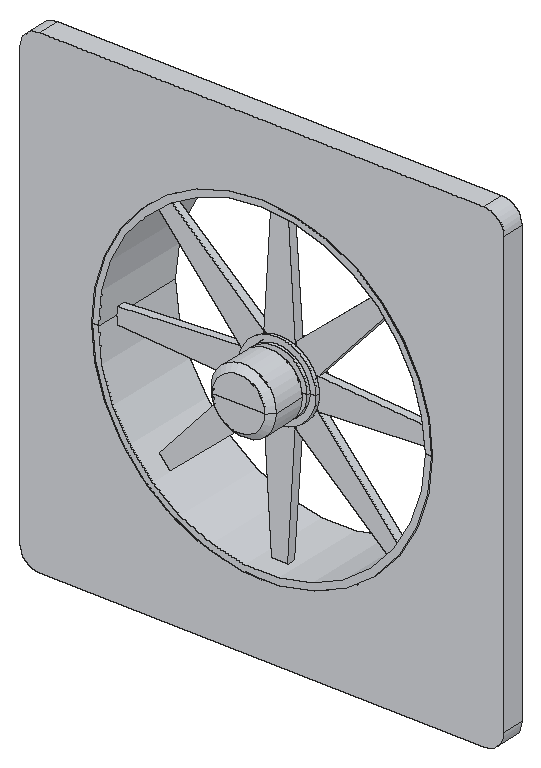
Revit family "CADS_Vent-Axia_MechEquip_Fan_VSP_SabreSicklePlate_1Ph2P - EXTRACT", category Mechanical Equipment, Revit 2020
Family settings
  Round Connector Dimension = Use Diameter
  Part Type = Normal
  OmniClass Number = 23.75.00.00
  OmniClass Title = Climate Control (HVAC)
  Work Plane-Based = No
  Always vertical = Yes
  Cut with Voids When Loaded = No
  Shared = No
  Room Calculation Point = No
Parameters (values of type "VSP25012A")
  WorkingPressure = 0.0 Pa
  WarrantyStartDate [instance] = "1900-12-31T23:59:59"
  WarrantyPeriod = ""
  WarrantyIdentifier = "N/A"
  WarrantyGuarantorParts = "tech@vent-axia.com"
  WarrantyGuarantorLabor = "tech@vent-axia.com"
  WarrantyGuarantor = "Vent-Axia Limited"
  WarrantyEndDate [instance] = "1900-12-31T23:59:59"
  WarrantyContent = ""
  TemperatureRange = ""
  TagNumber [instance] = "N/A"
  SustainabilityPerformance = ""
  Status = "New"
  Size = ""
  Shape = ""
  ServiceLifeType = ""
  ServiceLifeDuration = ""
  SerialNumber [instance] = "N/A"
  ReplacementCost = ""
  RatedVoltage = 0 V
  RatedCurrent = 0 A
  Quantity = 1
  ProductionYear = ""
  PressureCurve = ""
  PowerFactor = ""
  PointOfContact = ""
  NumberOfPoles = 0
  NominalWidth = 370 mm
  NominalLength = 73.4 mm
  NominalHeight = 250 mm
  NominalFrequencyRange = ""
  NominalDiameter = 250 mm
  ModelReference = "OWLET SICKLE PLATE FAN 250 DIA 1PH 2 POLE"
  ModelNumber = "VSP25012A"
  Material = ""
  ManufacturerE-Mail = "tech@vent-axia.com"
  ManufacturerAddress = "Fleming Way\nCrawley \nRH10 9YX"
  IsExtendedWarranty = no
  InsulationStandardClass = ""
  InstallationDate [instance] = "1900-12-31T23:59:59"
  IfcExportType [instance] = ""
  IfcExportAs = "IfcFanType"
  IP_Code = ""
  HasProtectiveEarth = no
  GrossWeight = 0.00 kg
  Grade = ""
  GlobalTradeItemNumber [instance] = "N/A"
  G = 17 mm
  Fitting Type = "Ignore"
  Finish = ""
  Features = ""
  ExteriorInsulation = no
  ExpectedServiceLife = 0
  Exclusions = ""
  E = 34 mm
  DurationUnit = "Year"
  Default Elevation = 0 mm
  Constituents = ""
  ConductorFunction = ""
  Color = ""
  CodePerformance = ""
  Category = ""
  CADS_Usage = 0
  CADS_Index = 0
  AssetType = "FIXED"
  AssetIdentifier [instance] = "N/A"
  AssemblyPlace = "UNKNOWN"
  ArticleNumber [instance] = "N/A"
  AirflowRateRange = 0.0 L/s
  Air Flow [instance] = 0.0 L/s
  AccessibilityPerformance = ""
  A = NominalWidth  # 370 mm
Reference planes
  plane 1 "Center (Front/Back)": y = 0
  plane 2: z = 0
  plane 3 "Center (Left/Right)": x = 0
  plane 4: x = -125
  plane 5: x = 125
  plane 6 "F": y = -17
  plane 7 "B": y = 56.4
  plane 8: x = -185
  plane 9: x = -130
  plane 10 "top": z = 125
  plane 11: z = -125
  plane 12: x = 185
  plane 13: z = 185
  plane 14: z = -185
Forms (mm)
  Revolve 1, solid
    sketch origin (0, 0, 0) x (1, 0, 0) y (0, 1, 0)
      loop
        line (-130, -17) -> (-125, -17) -> (-125, 56.4) -> (-130, 56.4) -> (-130, -17)
      axis (0, 56.4) -> (0, -17)
    angle from 0 to 360
  Extrusion 2, solid
    sketch origin (0, 0, 0) x (1, 0, 0) y (0, 0, 1)
      loop
        arc (-170, 185) -> (-180.607, 180.607) -> (-185, 170) r 15
        line (-185, 170) -> (-185, -170)
        arc (-185, -170) -> (-180.607, -180.607) -> (-170, -185) r 15
        line (-170, -185) -> (170, -185)
        arc (170, -185) -> (180.607, -180.607) -> (185, -170) r 15
        line (185, -170) -> (185, 170)
        arc (185, 170) -> (180.607, 180.607) -> (170, 185) r 15
        line (170, 185) -> (-170, 185)
      loop
        circle (0, 0) r 130
    from 0 to 17 <- "G"
Dimensions and locks
  equal spacing: plane 4, plane 3 "Center (Left/Right)", plane 5
  "NominalLength": plane 7 "B" to plane 6 "F"
  "NominalDiameter": plane 4 to plane 5
  locked: plane 9 to plane 4 at 5
  equal spacing: plane 10 "top", level, plane 11
  "NominalDiameter": plane 10 "top" to plane 11
  equal spacing: plane 12, plane 3 "Center (Left/Right)", plane 8
  "A": plane 12 to plane 8
  equal spacing: plane 13, level, plane 14
  "A": plane 13 to plane 14
  "G": plane 6 "F" to plane 1 "Center (Front/Back)"
  aligned and locked: level to plane 2
  aligned and locked: Extrusion 2 sketch curve to Revolve 1  (x2)
Automatic sketch dimensions
  plane 6 "F" to Revolve 1 sketch curve = 0 mm
  Revolve 1 sketch curve to plane 4 = 0 mm
  Revolve 1 sketch curve to plane 3 "Center (Left/Right)" = 0 mm
  plane 1 "Center (Front/Back)" to Revolve 1 sketch curve = 0 mm
  Revolve 1 sketch curve to plane 7 "B" = 0 mm
  plane 6 "F" to Revolve 1 sketch curve = 115 mm
  Revolve 1 sketch curve to plane 9 = 0 mm
  Extrusion 2 sketch curve to plane 8 = 0 mm
  Extrusion 2 sketch curve to plane 13 = 0 mm
  Extrusion 2 sketch curve to plane 14 = 0 mm
  plane 12 to Extrusion 2 sketch curve = 0 mm
  plane 8 to Extrusion 2 sketch curve = 15 mm  (x2)
  plane 12 to Extrusion 2 sketch curve = 15 mm  (x2)
Nested families
  nested 1: "Fan for ESP" at (0, 0, 0), ND <- "NominalDiameter", BE <- "E", type "Fan for ESP"
    with hub 25 mm, ND 250 mm, BoltPCD 20 mm, Bolt Count 6, B_Diam 5 mm, BE 34 mm
  nested 2: "ESC Blade" at (0, 0, 0), type "ESC Blade"
    with a 20.00°, HR 25 mm, HD 50 mm, BT 12.5 mm, BR 100 mm, BH 40 mm, BD 250 mm, BB 25 mm
  nested 3: "ESC Blade" at (0, 0, 0) x (0.7071, 0, -0.7071) z (0.7071, 0, 0.7071), type "ESC Blade"
    with a 20.00°, HR 25 mm, HD 50 mm, BT 12.5 mm, BR 100 mm, BH 40 mm, BD 250 mm, BB 25 mm
  nested 4: "ESC Blade" at (0, 0, 0) x (0, 0, -1) z (1, 0, 0), type "ESC Blade"
    with a 20.00°, HR 25 mm, HD 50 mm, BT 12.5 mm, BR 100 mm, BH 40 mm, BD 250 mm, BB 25 mm
  nested 5: "ESC Blade" at (0, 0, 0) x (-0.7071, 0, -0.7071) z (0.7071, 0, -0.7071), type "ESC Blade"
    with a 20.00°, HR 25 mm, HD 50 mm, BT 12.5 mm, BR 100 mm, BH 40 mm, BD 250 mm, BB 25 mm
  nested 6: "ESC Blade" at (0, 0, 0) x (-1, 0, 0) z (0, 0, -1), type "ESC Blade"
    with a 20.00°, HR 25 mm, HD 50 mm, BT 12.5 mm, BR 100 mm, BH 40 mm, BD 250 mm, BB 25 mm
  nested 7: "ESC Blade" at (0, 0, 0) x (-0.7071, 0, -0.7071) z (-0.7071, 0, 0.7071), type "ESC Blade"
    with a 20.00°, HR 25 mm, HD 50 mm, BT 12.5 mm, BR 100 mm, BH 40 mm, BD 250 mm, BB 25 mm
  nested 8: "ESC Blade" at (0, 0, 0) x (0, 0, -1) z (-1, 0, 0), type "ESC Blade"
    with a 20.00°, HR 25 mm, HD 50 mm, BT 12.5 mm, BR 100 mm, BH 40 mm, BD 250 mm, BB 25 mm
  nested 9: "ESC Blade" at (0, 0, 0) x (0.7071, 0, -0.7071) z (-0.7071, 0, -0.7071), type "ESC Blade"
    with a 20.00°, HR 25 mm, HD 50 mm, BT 12.5 mm, BR 100 mm, BH 40 mm, BD 250 mm, BB 25 mm
Connectors
  hvac at (0, -17, 0), driven by "NominalDiameter", driven by "Air Flow"
    settings: on Revolve 1, index 1, duct flow 0.0 L/s, flow factor 0, pres drop 0.0 Pa, loss coef 0, conn angle 0.00°, conn width 304.8 mm, conn height 304.8 mm, conn diameter 250 mm, duct sys type 2, conn prof type 0, flow config 0, flow direction 1, loss method 0, conn ref index -1, conn util no, is conn primary yes, conn desc ""
  hvac at (0, 56.4, 0), driven by "NominalDiameter", driven by "Air Flow"
    settings: on Revolve 1, index 2, duct flow 0.0 L/s, flow factor 0, pres drop 0.0 Pa, loss coef 0, conn angle 0.00°, conn width 304.8 mm, conn height 304.8 mm, conn diameter 250 mm, duct sys type 3, conn prof type 0, flow config 1, flow direction 2, loss method 0, conn ref index -1, conn util no, is conn primary no, conn desc ""
Definition of nested family "Fan for ESP"
  Parameters (values of type "Fan for ESP")
    hub [instance] = ND / 10  # 25.1 mm
    ND [instance] = 251 mm
    Model = "."
    Default Elevation = 0 mm
    BoltPCD [instance] = hub - (hub * 0.2)  # 20.08 mm
    Bolt Count [instance] = if(hub < 50 mm, 6, 8)  # 6
    B_Diam [instance] = if(hub < 50 mm, 5 mm, 10 mm)  # 5 mm
    BE [instance] = 84 mm
  Reference planes
    plane 1 "Center (Front/Back)": y = 0
    plane 2: z = 0
    plane 3 "Center (Left/Right)": x = 0
    plane 4 "back": y = 20
    plane 5 "boss": y = -89
    plane 6 "B": z = 25.1
    plane 7: x = -30.1
    plane 8: x = -25.1
    plane 9 "hubface": y = -5
    plane 10: x = -20.1
    plane 11: y = -84
  Forms (mm)
    Revolve 1, solid
      sketch origin (0, 0, 0) x (1, 0, 0) y (0, 1, 0)
        loop
          line (0, -5) -> (0, 10.504) -> (-30.1, 10.504) -> (-30.1, -2.597) -> (-25.1, -2.597) -> (-25.1, -5) -> (0, -5)
        axis (0, 10.504) -> (0, -5)
      angle from 0 to 360
    Extrusion 2, solid, not visible
      sketch origin (0, -6.347, -4) x (-1, 0, 0) y (0, 0, 1)
        loop
          circle (0, 84) r 5
      from 0 to 3
    Revolve 3, solid
      sketch origin (0, 0, 0) x (1, 0, 0) y (0, 1, 0)
        loop
          line (-20.1, -5) -> (-25.1, -10) -> (-25.1, -84) -> (-20.1, -89) -> (0, -89) -> (0, -5) -> (-20.1, -5)
        axis (0, -5) -> (0, -89)
      angle from 0 to 360
  Lines and regions (mm)
    symbolic lines
      curve 1: circle (0, -89, 0) r 20.08 normal (0, 1, 0)
    model lines, not visible
      curve 2: line (0, -6.347, 85) -> (0, -6.347, 75)
  Dimensions and locks
    "hub": plane 6 "B" to plane 2
    "hub": nested 3 to plane 3 "Center (Left/Right)"
    "hub": nested 4 to plane 3 "Center (Left/Right)"
    "hub": nested 5 to plane 3 "Center (Left/Right)"
    "hub": plane 3 "Center (Left/Right)" to nested 6
    "hub": plane 3 "Center (Left/Right)" to nested 7
    "hub": plane 3 "Center (Left/Right)" to nested 8
    "hub": plane 3 "Center (Left/Right)" to nested 9
    "hub": plane 8 to plane 3 "Center (Left/Right)"
    plane 7 to plane 8 = 5 mm
    "BE": plane 5 "boss" to plane 9 "hubface"
    locked: plane 11 to plane 5 "boss" at 5
    plane 8 to plane 10 = 5 mm
    locked: plane 9 "hubface" to plane 1 "Center (Front/Back)" at 5
    diameter of Extrusion 2 sketch curve = 10 mm
    "BoltPCD": radius of curve 1
    aligned and locked: level to plane 2
    aligned and locked: plane 6 "B" to nested 1
  Automatic sketch dimensions
    Revolve 1 sketch curve to plane 7 = 0 mm
    Revolve 1 sketch curve to plane 8 = 0 mm
    Revolve 1 sketch curve to plane 3 "Center (Left/Right)" = 0 mm  (x2)
    Revolve 1 sketch curve to plane 9 "hubface" = 0 mm
    plane 1 "Center (Front/Back)" to Revolve 1 sketch curve = 2.597 mm
    plane 4 "back" to Revolve 1 sketch curve = 5 mm
    plane 4 "back" to Revolve 1 sketch curve = 9.496 mm
    Revolve 1 sketch curve to Revolve 1 sketch curve = 54.496 mm
    Revolve 3 sketch curve to plane 8 = 0 mm
    Revolve 3 sketch curve to plane 5 "boss" = 0 mm
    Revolve 3 sketch curve to plane 10 = 0 mm  (x2)
    Revolve 3 sketch curve to plane 9 "hubface" = 0 mm
    Revolve 3 sketch curve to plane 3 "Center (Left/Right)" = 0 mm  (x2)
    Revolve 3 sketch curve to plane 11 = 0 mm
    Revolve 3 sketch curve to plane 9 "hubface" = 5 mm
    plane 4 "back" to Revolve 3 sketch curve = 4.08 mm
    Revolve 3 sketch curve to plane 4 "back" = 3.828 mm
    curve 1 to level = 0 mm
    curve 1 to plane 3 "Center (Left/Right)" = 0 mm
  Nested families
    nested 1: "ESC Blade" at (0, 0, 0), BD <- "ND", HD <- "hub", type "ESC Blade"
      with a 20.00°, HR 25.1 mm, HD 50.2 mm, BT 12.55 mm, BR 100.4 mm, BH 40 mm, BD 251 mm, BB 25.1 mm
    nested 2: "ESC Blade" at (0, 0, 755), BD <- "ND", HD <- "hub", type "ESC Blade", not visible
      with a 20.00°, HR 25.1 mm, HD 50.2 mm, BT 12.55 mm, BR 100.4 mm, BH 40 mm, BD 251 mm, BB 25.1 mm
    nested 3: "ESC Blade" at (0, 0, 0) x (0.7071, 0, -0.7071) z (0.7071, 0, 0.7071), BD <- "ND", HD <- "hub", type "ESC Blade"
      with a 20.00°, HR 25.1 mm, HD 50.2 mm, BT 12.55 mm, BR 100.4 mm, BH 40 mm, BD 251 mm, BB 25.1 mm
    nested 4: "ESC Blade" at (0, 0, 0) x (0, 0, -1) z (1, 0, 0), BD <- "ND", HD <- "hub", type "ESC Blade"
      with a 20.00°, HR 25.1 mm, HD 50.2 mm, BT 12.55 mm, BR 100.4 mm, BH 40 mm, BD 251 mm, BB 25.1 mm
    nested 5: "ESC Blade" at (0, 0, 0) x (-0.7071, 0, -0.7071) z (0.7071, 0, -0.7071), BD <- "ND", HD <- "hub", type "ESC Blade"
      with a 20.00°, HR 25.1 mm, HD 50.2 mm, BT 12.55 mm, BR 100.4 mm, BH 40 mm, BD 251 mm, BB 25.1 mm
    nested 6: "ESC Blade" at (0, 0, 0) x (-1, 0, 0) z (0, 0, -1), BD <- "ND", HD <- "hub", type "ESC Blade"
      with a 20.00°, HR 25.1 mm, HD 50.2 mm, BT 12.55 mm, BR 100.4 mm, BH 40 mm, BD 251 mm, BB 25.1 mm
    nested 7: "ESC Blade" at (0, 0, 0) x (-0.7071, 0, -0.7071) z (-0.7071, 0, 0.7071), BD <- "ND", HD <- "hub", type "ESC Blade"
      with a 20.00°, HR 25.1 mm, HD 50.2 mm, BT 12.55 mm, BR 100.4 mm, BH 40 mm, BD 251 mm, BB 25.1 mm
    nested 8: "ESC Blade" at (0, 0, 0) x (0, 0, -1) z (-1, 0, 0), BD <- "ND", HD <- "hub", type "ESC Blade"
      with a 20.00°, HR 25.1 mm, HD 50.2 mm, BT 12.55 mm, BR 100.4 mm, BH 40 mm, BD 251 mm, BB 25.1 mm
    nested 9: "ESC Blade" at (0, 0, 0) x (0.7071, 0, -0.7071) z (-0.7071, 0, -0.7071), BD <- "ND", HD <- "hub", type "ESC Blade"
      with a 20.00°, HR 25.1 mm, HD 50.2 mm, BT 12.55 mm, BR 100.4 mm, BH 40 mm, BD 251 mm, BB 25.1 mm
  Definition of nested family "ESC Blade"
    Parameters (values of type "ESC Blade")
      a [instance] = 20.00°
      HR [instance] = HD / 2  # 30 mm
      HD [instance] = BD / 5  # 60 mm
      Default Elevation = 1219.2 mm
      BT [instance] = BD / 20  # 15 mm
      BR [instance] = (BD / 2) - HR  # 120 mm
      BH [instance] = 40 mm
      BD [instance] = 300 mm
      BB [instance] = BD / 10  # 30 mm
    Reference planes
      plane 1 "Center (Front/Back)": y = 0
      plane 2: z = 0
      plane 3 "Center (Left/Right)": x = 0
      plane 4 "Blade Bot": z = 30
      plane 5: x = -15
      plane 6: x = 15
      plane 7: x = -7.5
      plane 8: x = 7.5
    Forms (mm)
      Blend 1, solid
        base sketch origin (0, 0, 30) x (-1, 0, 0) y (0, -1, 0)
          loop
            line (15, 0) -> (-15, 0) -> (-15, -6) -> (15, -6) -> (15, 0)
        top sketch origin (0, 0, 30) x (-1, 0, 0) y (0, -1, 0)
          loop
            line (7.5, -6) -> (7.5, 0) -> (-7.5, 0) -> (-7.5, -6) -> (7.5, -6)
        from 0 to 120 <- "BR"
    Dimensions and locks
      "HR": plane 4 "Blade Bot" to level
      equal spacing: plane 8, plane 3 "Center (Left/Right)", plane 7
      "BT": plane 8 to plane 7
      equal spacing: plane 6, plane 3 "Center (Left/Right)", plane 5
      "BB": plane 6 to plane 5
      aligned and locked: level to plane 2
    Automatic sketch dimensions
      plane 1 "Center (Front/Back)" to Blend 1 sketch curve = 0 mm  (x2)
      Blend 1 sketch curve to plane 6 = 0 mm
      Blend 1 sketch curve to plane 5 = 0 mm
      Blend 1 sketch curve to plane 1 "Center (Front/Back)" = 6 mm  (x2)
      Blend 1 sketch curve to plane 8 = 0 mm
      Blend 1 sketch curve to plane 7 = 0 mm
Definition of nested family "ESC Blade"
  Parameters (values of type "ESC Blade")
    a [instance] = 20.00°
    HR [instance] = HD / 2  # 30 mm
    HD [instance] = BD / 5  # 60 mm
    Default Elevation = 1219.2 mm
    BT [instance] = BD / 20  # 15 mm
    BR [instance] = (BD / 2) - HR  # 120 mm
    BH [instance] = 40 mm
    BD [instance] = 300 mm
    BB [instance] = BD / 10  # 30 mm
  Reference planes
    plane 1 "Center (Front/Back)": y = 0
    plane 2: z = 0
    plane 3 "Center (Left/Right)": x = 0
    plane 4 "Blade Bot": z = 30
    plane 5: x = -15
    plane 6: x = 15
    plane 7: x = -7.5
    plane 8: x = 7.5
  Forms (mm)
    Blend 1, solid
      base sketch origin (0, 0, 30) x (-1, 0, 0) y (0, -1, 0)
        loop
          line (15, 0) -> (-15, 0) -> (-15, -6) -> (15, -6) -> (15, 0)
      top sketch origin (0, 0, 30) x (-1, 0, 0) y (0, -1, 0)
        loop
          line (7.5, -6) -> (7.5, 0) -> (-7.5, 0) -> (-7.5, -6) -> (7.5, -6)
      from 0 to 120 <- "BR"
  Dimensions and locks
    "HR": plane 4 "Blade Bot" to level
    equal spacing: plane 8, plane 3 "Center (Left/Right)", plane 7
    "BT": plane 8 to plane 7
    equal spacing: plane 6, plane 3 "Center (Left/Right)", plane 5
    "BB": plane 6 to plane 5
    aligned and locked: level to plane 2
  Automatic sketch dimensions
    plane 1 "Center (Front/Back)" to Blend 1 sketch curve = 0 mm  (x2)
    Blend 1 sketch curve to plane 6 = 0 mm
    Blend 1 sketch curve to plane 5 = 0 mm
    Blend 1 sketch curve to plane 1 "Center (Front/Back)" = 6 mm  (x2)
    Blend 1 sketch curve to plane 8 = 0 mm
    Blend 1 sketch curve to plane 7 = 0 mm
